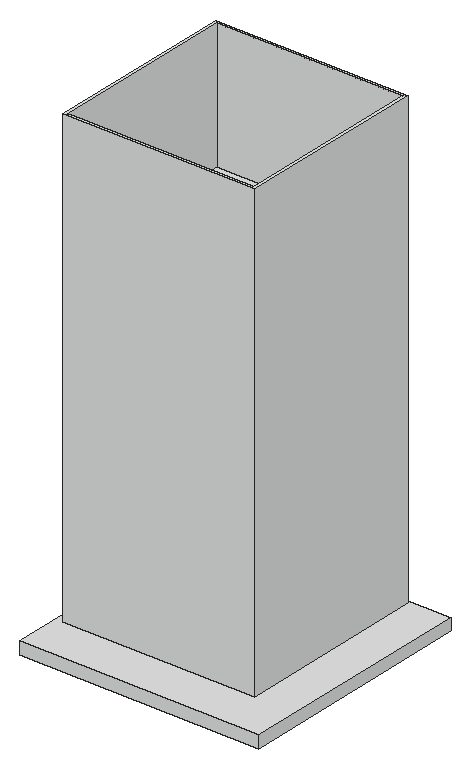
Revit family "Lighting-Surface-Amerlux-Rook-350 ", category Lighting Fixtures, host Face, Revit 2020
Family settings
  Host = Face
  Round Connector Dimension = Use Diameter
  Part Type = Normal
  Cut with Voids When Loaded = No
  Light Source = Yes
  Shared = No
  Room Calculation Point = No
Parameters (values of type "Rook 350")
  Width = 0' - 4"
  Wattage = 9.2903 W
  built-in parameter 1150110 = 1 (stored number, unit not read)
  Voltage = 0 V
  URL = "http://www.amerlux.com/"
  built-in parameter 1114217 = 1 (stored number, unit not read)
  Tilt Angle = -90.00°
  built-in parameter 1150109 = 1 (stored number, unit not read)
  built-in parameter 1150134 = 3
  built-in parameter 1150113 = 1 (stored number, unit not read)
  Right Cable [instance] = yes
  Power Factor = 1
  Photometric Web File = "Load File"
  Number of Poles = 1
  built-in parameter 1150142 = (empty or 0)
  Model = "Rook 350"
  Manufacturer = "Amerlux"
  built-in parameter 1150105 = 109.82 (stored number, unit not read)
  Lumens = 1380 lm
  built-in parameter 1150115 = 1 (stored number, unit not read)
  built-in parameter 1150137 = (empty or 0)
  built-in parameter 1150139 = (empty or 0)
  Left Cable [instance] = yes
  built-in parameter 1150112 = 1 (stored number, unit not read)
  built-in parameter 1150114 = 1 (stored number, unit not read)
  built-in parameter 1150132 = (empty or 0)
  built-in parameter 1150102 = (empty or 0)
  built-in parameter 1150107 = 3200 (stored number, unit not read)
  built-in parameter 1150138 = (empty or 0)
  built-in parameter 1150106 = 1.0982 (stored number, unit not read)
  Fixture Finish = Aluminum Finish
  Emit from Rectangle Width = 0' - 4"
  Emit from Rectangle Length = 0' - 4"
  Emit Shape Visible in Rendering = no
  built-in parameter 1150104 = 13.8 (stored number, unit not read)
  Dimming Lamp Color Temperature Shift = <None>
  Description = "Surface Pendant"
  Default Elevation = 4' - 0"
  Color Filter = 16777215
  built-in parameter 1114218 = 1 (stored number, unit not read)
  built-in parameter 1150133 = 10 (stored number, unit not read)
  Apparent Load = 0 VA
Reference planes (in)
  plane 1 "Center (Front/Back)": y = 0
  plane 2: z = 0
  plane 3 "Center (Left/Right)": x = 0
  plane 4: z = 0
  plane 5: z = 10.0625
Forms (in)
  Extrusion 1, solid, material "Aluminum Finish"
    sketch origin (0, 0, 0) x (1, 0, 0) y (0, 1, 0)
      loop
        line (-2.5, 2.5) -> (-2.5, -2.5) -> (2.5, -2.5) -> (2.5, 2.5) -> (-2.5, 2.5)
    from 0 to 0.25
  Extrusion 2, solid, material "Aluminum Finish"
    sketch origin (0, 0, 0) x (1, 0, 0) y (0, 1, 0)
      loop
        line (-2, 2) -> (-2, -2) -> (2, -2) -> (2, 2) -> (-2, 2)
    from 0.56892 to 10.0625
  Extrusion 3, solid, material "Aluminum Finish"
    sketch origin (0, 0, 0) x (1, 0, 0) y (0, 1, 0)
      loop
        line (-1.25, 1.25) -> (-1.25, -1.24332) -> (1.26548, -1.24332) -> (1.26548, 1.25) -> (-1.25, 1.25)
    from 0 to 0.56892
  Extrusion 4, void
    sketch origin (0, 0, 0) x (1, 0, 0) y (0, 1, 0)
      loop
        line (-1.9375, 1.9375) -> (-1.9375, -1.9375) -> (1.9375, -1.9375) -> (1.9375, 1.9375) -> (-1.9375, 1.9375)
    from 7.36347 to 10.0625
Cuts and joins
  Extrusion 4 cuts Extrusion 1
  Extrusion 4 cuts Extrusion 2
  Extrusion 4 cuts Extrusion 3
Dimensions and locks (in)
  plane 4 to host face = 0' - 0"
  equal spacing: Extrusion 1 sketch curve, plane 3 "Center (Left/Right)", Extrusion 1 sketch curve
  equal spacing: Extrusion 1 sketch curve, plane 1 "Center (Front/Back)", Extrusion 1 sketch curve
  locked: Extrusion 1 sketch curve to Extrusion 1 sketch curve at 5  (x2)
  equal spacing: Extrusion 2 sketch curve, plane 3 "Center (Left/Right)", Extrusion 2 sketch curve
  equal spacing: Extrusion 2 sketch curve, plane 1 "Center (Front/Back)", Extrusion 2 sketch curve
  "Width": Extrusion 2 sketch curve to Extrusion 2 sketch curve  (x2)
  Extrusion 2 to Extrusion 2 = 0' - 9.49358"
  aligned and locked: plane 2 to host face
  aligned and locked: level to host face
  aligned and locked: plane 5 to Extrusion 2
  aligned and locked: Extrusion 3 to Extrusion 2
  aligned and locked: plane 3 "Center (Left/Right)" to imposter light
  aligned and locked: imposter light to plane 1 "Center (Front/Back)"
  aligned and locked: plane 5 to imposter light
Automatic sketch dimensions
  host sketch curve to host sketch curve = 8' - 0"  (x2)
  Extrusion 3 sketch curve to plane 3 "Center (Left/Right)" = 0' - 1 1/4"
  plane 3 "Center (Left/Right)" to Extrusion 3 sketch curve = 0' - 1.26548"
  plane 1 "Center (Front/Back)" to Extrusion 3 sketch curve = 0' - 1.24332"
  Extrusion 3 sketch curve to plane 1 "Center (Front/Back)" = 0' - 1 1/4"
  Extrusion 4 sketch curve to plane 3 "Center (Left/Right)" = 0' - 1 15/16"
  Extrusion 4 sketch curve to plane 1 "Center (Front/Back)" = 0' - 1 15/16"
  plane 3 "Center (Left/Right)" to Extrusion 4 sketch curve = 0' - 1 15/16"
  plane 1 "Center (Front/Back)" to Extrusion 4 sketch curve = 0' - 1 15/16"
Connectors (in)
  electrical at (0, 0, 0), driven by "Number of Poles", driven by "Voltage", driven by "Apparent Load", driven by "Power Factor"
    settings: on cut or joined group of Extrusion 1, Extrusion 4, index 1, voltage 0 V, apparent load 0 VA, apparent load phase1 0 VA, apparent load phase2 0 VA, apparent load phase3 0 VA, power factor 1, load classification "Other", number of poles 1, system type 31, power factor state 1, is connector primary yes, connector utility no, sub classification motor no, connector description ""
